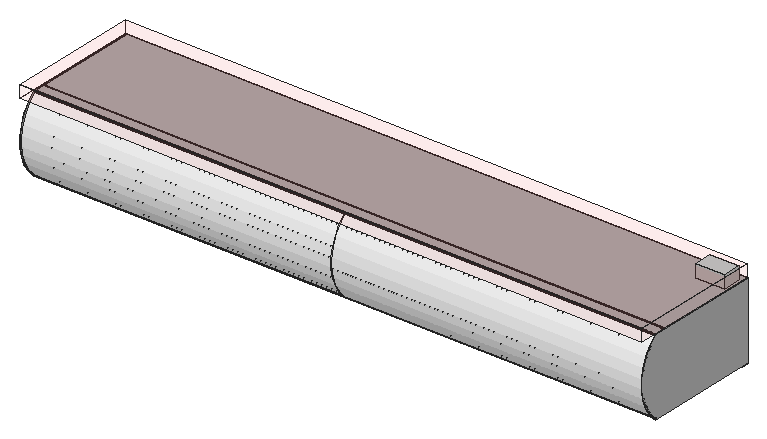
Revit family "Air_Curtain-Ambient-Berner_International-AHC10", category Mechanical Equipment, Revit 2015
Parameters (values of type "AHC10-1036A")
  Unit Width = 8' - 3 1/2"
  Unit Height = 1' - 0 1/4"  # constant formula
  Unit Color = Anodized Aluminum - Berner International - Clear Satin
  URL = "http://www.berner.com/product/architectural-high-performance-10/"
  Type Catalog Loaded = "Not loaded by Type Catalog - Parameters Invalid"
  TRP = Unit Width > 8' 3 131/256"  # no
  Show Service Clearance = yes
  SGL = and(Unit Width < 7' 3 125/256")  # no
  Product data url = "https://bimobject.com/berner/product/berner-ahc10"
  Power Rating = 0 W
  Phase = 1
  Outlet Velocity Uniform (%) = 0.00%
  Nozzle Width = Unit Width - 0' 0" - 0' 1"  # 8' - 2 1/2"
  Net Weight = 0.00 kip
  NVW2 = Unit Width / 3  # 2' - 9.16667"
  Mounting Width C = 2' - 3"
  Motors per Unit = 0
  Motor Volts = 0 V
  Model = "No Model Specified - See Use Instructions"
  Maximum Velocity at Nozzle = 0 FPM
  Manufacturer Phone = "(800) 245-4455"  # constant formula
  Manufacturer Address = "Shenango Commerce Park | 111 Progress Avenue | New Castle, PA 16101"  # constant formula
  Manufacturer = "Berner International Corp."  # constant formula
  Insect Control = not(Environmental Separation)  # no
  Inlet Screen = Aluminum Perforated Metal  - Berner International -  Satin -  Inlet Screen
  Hertz = 60 Hz  # constant formula
  Filter = no
  Environmental Separation = yes
  Description = "Ambient Heated Air Door Unit"  # constant formula
  DBL = and(Unit Width > 6' 3 131/256", and(Unit Width < 9' 5 61/256"))  # yes
  Breaker Rating per Circuit = 0 A
  Berner AHC10 Conduit Radius = 0' - 0 1/4"  # constant formula
  Average Outlet Velocity = 0 FPM
  Assembly Code = "D3090400"
  Amps per Circuit = 0 A
  Air Volume = 0 CFM
Reference planes (in)
  plane 1 "Center (Front/Back)": y = 0
  plane 2 "Bottom of Unit": z = 0
  plane 3 "Center (Left/Right)": x = 0
  plane 4 "Left End of Unit": x = -49.75
  plane 5 "Right End of Unit": x = 49.75
  plane 6 "Left End of Perforated Intake Screen": x = -49.6875
  plane 7 "Right End of Perforated Intake Screen": x = 49.6875
  plane 8 "Top of Unit": z = 12.25
  plane 9 "Top of Screen Service Clearance": z = 14.25
  plane 10 "Front of Unit": y = -21.19
  plane 11 "Front of Intake Screen": y = -21.06
  plane 12 "Top of Opening Max Offset": z = -1
  plane 13 "Top of Housing": z = 12.1875
  plane 14 "Bottom of Housing": z = 0.0625
  plane 15 "Radius Of Intake Face": y = -18.41
  plane 16 "Vertical Center": z = 6.125
  plane 17 "Nozzle Width Left": x = -49.25
  plane 18 "Nozzle Width Right": x = 49.25
  plane 19 "Blade Retainer Front": y = -1
  plane 20 "Blade Retainer Rear": y = -3.5
  plane 21 "Blade Retainer LCL": x = -0.0625
  plane 22 "Blade Retainer RCL": x = 0.0625
  plane 23 "Bottom of Screen Service Clearance": z = 2.12
  plane 24 "Rear Screen Service Clearance": y = -16.56
  plane 25 "CL Screen Removal": z = 8.185
  plane 26 "Back of Inlet Screen": y = -20.935
  plane 27 "Housing Transition Rear": y = -16.52875
  plane 28 "Housing Transition Front": y = -16.59125
  plane 29 "Top Bottom Housing Transition": z = 0.1525
  plane 30 "Bottom Top Housing Transition": z = 12.0975
  plane 31 "Bottom Front Housing Transition": y = -18.31
  plane 32 "Bottom Front Rear Housing Transition": y = -18.24
  plane 33 "Bottom Front Housing Transition Rear": y = -16.65
  plane 34 "Bottom Rear Front Housing Transition": y = -16.47
  plane 35 "Switch Outer Left": x = -0.9
  plane 36 "Switch Outer Right": x = 0.9
  plane 37 "Switch Plate Outer Rear": y = -6.96
  plane 38 "Switch Plate Outer Front": y = -3.96
  plane 39 "Switch Plate Outer Left": x = -2.5
  plane 40 "Switch Plate Outer Right": x = 2.5
  plane 41 "Switch Outer Front": y = -4.24125
  plane 42 "Switch Outer Rear": y = -6.17125
  plane 43 "Switch L": x = -0.8
  plane 44 "Switch R": x = 0.8
  plane 45 "Switch T": y = -4.34125
  plane 46 "Switch B": y = -6.07125
  plane 47 "Switch MB": y = -5.27125
  plane 48 "Switch MT": y = -5.14125
  plane 49 "Cover Plane": y = -0.75
  plane 50 "Rear of JBox 1": y = -1.44
  plane 51 "Front of JBox 1": y = -4.32
  plane 52 "LSide of JBox": x = 44.87
  plane 53 "RSide of JBox": x = 49.5
  plane 54 "Rear of JBox 2": y = -6.445
  plane 55 "Front of JBox 2": y = -10.445
  plane 56 "Top of JBox": z = 14.5
  plane 57 "Bottom of JBox": z = 12.5
  plane 58 "Jbox 1 CL": y = -3.44
  plane 59 "Jbox VCL": z = 13.5
  plane 60 "Mounting Location L": x = -22.75
  plane 61 "Mounting Location R": x = 22.75
  plane 62 "Mounting Location F": y = -2
  plane 63 "ML1": x = -22.90625
  plane 64 "ML2": x = -22.59375
  plane 65 "MR3": y = -1.84375
  plane 66 "MR4": y = -2.15625
  plane 67 "MR2": x = 22.59375
  plane 68 "MR1": x = 22.90625
  plane 69 "MR7": y = -10.28875
  plane 70 "MR8": y = -10.60125
  plane 71 "Top of Nozzle Vanes": z = 0.8125
  plane 72 "NV1": y = -1.59
  plane 73 "NV2": y = -1.9
  plane 74 "NV3": y = -2.59
  plane 75 "NV4": y = -2.9
  plane 76 "NVRL1": x = -49.19
  plane 77 "NVRR": x = 49.19
  plane 78 "NVRR2": x = 48.69
  plane 79 "NVRL2": x = -58.875
  plane 80 "NV1-1": y = -1.72
  plane 81 "NV2-1": y = -1.77
  plane 82 "NV4-1": y = -2.77
  plane 83 "NV3-1": y = -2.72
  plane 84 "Wall Mounting L1": z = 1
  plane 85 "Wall Mouting L2": z = 10.5
  plane 86 "MD": y = 2.32676
  plane 87 "TRPLCL": x = -16.58333
  plane 88 "TRPRCL": x = 16.58333
  plane 89 "TRPLCL1": x = -16.64833
  plane 90 "TRPLCL2": x = -16.51833
  plane 91 "TRPRCL1": x = 16.64833
  plane 92 "TRPRCL2": x = 16.51833
  plane 93 "TRPLCL5": x = -17.20833
  plane 94 "TRPLCL3": x = -16.70833
  plane 95 "TRPLCL4": x = -16.45833
  plane 96 "TRPLCL6": x = -15.95833
  plane 97 "TRPRCL3": x = 16.70833
  plane 98 "TRPRCL4": x = 16.45833
  plane 99 "TRPRCL6": x = 15.95833
  plane 100 "TRPRCL5": x = 17.20833
  plane 101 "LCL2": x = -0.5025
  plane 102 "RCL2": x = 0.5025
  plane 103 "RCL1": x = 0.1225
  plane 104 "LCL1": x = -0.1225
  plane 105 "UnitCondCL": x = 46.87
  plane 106 "UnitCondL": x = 46.62
  plane 107 "UnitCondR": x = 47.12
  plane 108 "Wall Mounting Plate": y = -0.75
Forms (in)
  Extrusion 1, solid, material "Anodized Aluminum - Berner International - Clear Satin" <- "Unit Color"
    sketch origin (0, 0, 0) x (0, 1, 0) y (0, 0, 1)
      loop
        line (0, 12.1875) -> (-16.52875, 12.1875) -> (-16.52875, 12.0975) -> (-16.59125, 12.0975) -> (-16.59125, 12.1875) -> (-18.41, 12.1875)
        arc (-18.41, 12.1875) -> (-21.19, 6.125) -> (-18.41, 0.0625) r 8.00041
        line (-18.41, 0.0625) -> (-16.59125, 0.0625) -> (-16.59125, 0.1525) -> (-16.52875, 0.1525) -> (-16.52875, 0.0625) -> (-3.5, 0.0625) -> (-3.5, 0.8125) -> (0, 0.8125) -> (0, 12.1875)
    from -49.6875 to 49.6875
  Extrusion 2, void
    sketch origin (0, 0, 0) x (0, 1, 0) y (0, 0, 1)
      loop
        arc (-18.41, 12.1875) -> (-21.19, 6.125) -> (-18.41, 0.0625) r 8.00041
        line (-18.41, 0.0625) -> (-18.41, 0.22844)
        arc (-18.41, 0.22844) -> (-21.065, 6.125) -> (-18.41, 12.02156) r 7.87541
        line (-18.41, 12.02156) -> (-18.41, 12.1875)
    from -49.6875 to 49.6875
  Extrusion 3, solid, material "Service Clearance - Berner International - Air Curtain"
    sketch origin (0, 0, 0) x (0, 1, 0) y (0, 0, 1)
      loop
        line (0, 14.25) -> (-21.19, 14.25) -> (-21.19, 12.25) -> (0, 12.25) -> (0, 14.25)
    from -49.75 to 49.75
  Extrusion 4, solid, material "Aluminum Perforated Metal  - Berner International -  Satin -  Inlet Screen" <- "Inlet Screen", visible <- "SGL"
    sketch origin (0, 0, 0) x (0, 1, 0) y (0, 0, 1)
      loop
        line (-18.41, 11.85354) -> (-18.41, 12.02156)
        arc (-18.41, 12.02156) -> (-21.065, 6.125) -> (-18.41, 0.22844) r 7.87541
        line (-18.41, 0.22844) -> (-18.41, 0.39646)
        arc (-18.41, 0.39646) -> (-20.94, 6.125) -> (-18.41, 11.85354) r 7.75041
    from -49.6875 to 49.6875
  Extrusion 5, solid, material "Anodized Aluminum - Berner International - Clear Satin" <- "Unit Color"
    sketch origin (0, 0, 0) x (0, 1, 0) y (0, 0, 1)
      loop
        line (-3.5, 0) -> (-3.5, 0.0625) -> (-16.56, 0.0625)
        arc (-16.56, 0.0625) -> (-16.52248, 0.02048) -> (-16.47, 0) r 0.121
        line (-16.47, 0) -> (-3.5, 0)
    from -49.6875 to 49.6875
  Extrusion 6, solid, material "Anodized Aluminum - Berner International - Clear Satin" <- "Unit Color"
    sketch origin (0, 0, 0) x (0, 1, 0) y (0, 0, 1)
      loop
        line (-16.56, 0.0625) -> (-18.31, 0.0625)
        arc (-18.31, 0.0625) -> (-18.27766, 0.02828) -> (-18.24, 0) r 0.27802
        line (-18.24, 0) -> (-16.65, 0)
        arc (-16.65, 0) -> (-16.59752, 0.02048) -> (-16.56, 0.0625) r 0.121
    from -49.6875 to 49.6875
  Extrusion 7, solid, material "Anodized Aluminum - Berner International - Clear Satin" <- "Unit Color"
    sketch origin (0, 0, 0) x (0, 1, 0) y (0, 0, 1)
      loop
        arc (-16.56, 12.1875) -> (-16.59752, 12.22952) -> (-16.65, 12.25) r 0.121
        line (-16.65, 12.25) -> (-18.24, 12.25)
        arc (-18.24, 12.25) -> (-18.27766, 12.22172) -> (-18.31, 12.1875) r 0.27802
        line (-18.31, 12.1875) -> (-16.56, 12.1875)
    from -49.6875 to 49.6875
  Extrusion 8, solid, material "Anodized Aluminum - Berner International - Clear Satin" <- "Unit Color"
    sketch origin (0, 0, 0) x (0, 1, 0) y (0, 0, 1)
      loop
        line (-16.56, 12.1875) -> (0, 12.1875) -> (0, 12.25) -> (-16.47, 12.25)
        arc (-16.47, 12.25) -> (-16.52248, 12.22952) -> (-16.56, 12.1875) r 0.121
    from -49.6875 to 49.6875
  Extrusion 9, solid, material "Galvanized Steel - Berner International - Brushed"
    sketch origin (0, 0, 12.5) x (0, 1, 0) y (-1, 0, 0)
      loop
        line (-1.44, -44.87) -> (-4.32, -44.87) -> (-4.32, -49.5) -> (-1.44, -49.5) -> (-1.44, -44.87)
    from 0 to 2
  Extrusion 10, solid, material "Aluminum Perforated Metal  - Berner International -  Satin -  Inlet Screen" <- "Inlet Screen", visible <- "DBL"
    sketch origin (0, 0, 0) x (0, 1, 0) y (0, 0, 1)
      loop
        line (-18.41, 11.85354) -> (-18.41, 12.02156)
        arc (-18.41, 12.02156) -> (-21.065, 6.125) -> (-18.41, 0.22844) r 7.87541
        line (-18.41, 0.22844) -> (-18.41, 0.39646)
        arc (-18.41, 0.39646) -> (-20.94, 6.125) -> (-18.41, 11.85354) r 7.75041
    from 0.0625 to 49.6875
  Extrusion 11, solid, material "Aluminum Perforated Metal  - Berner International -  Satin -  Inlet Screen" <- "Inlet Screen", visible <- "DBL"
    sketch origin (0, 0, 0) x (0, 1, 0) y (0, 0, 1)
      loop
        line (-18.41, 11.85354) -> (-18.41, 12.02156)
        arc (-18.41, 12.02156) -> (-21.065, 6.125) -> (-18.41, 0.22844) r 7.87541
        line (-18.41, 0.22844) -> (-18.41, 0.39646)
        arc (-18.41, 0.39646) -> (-20.94, 6.125) -> (-18.41, 11.85354) r 7.75041
    from -49.6875 to -0.0625
  Extrusion 12, solid, material "Aluminum Perforated Metal  - Berner International -  Satin -  Inlet Screen" <- "Inlet Screen", visible <- "TRP"
    sketch origin (0, 0, 0) x (0, 1, 0) y (0, 0, 1)
      loop
        arc (-18.41, 0.39646) -> (-20.94, 6.125) -> (-18.41, 11.85354) r 7.75041
        line (-18.41, 11.85354) -> (-18.41, 12.02156)
        arc (-18.41, 12.02156) -> (-21.065, 6.125) -> (-18.41, 0.22844) r 7.87541
        line (-18.41, 0.22844) -> (-18.41, 0.39646)
    from 16.64833 to 49.6875
  Extrusion 13, solid, material "Aluminum Perforated Metal  - Berner International -  Satin -  Inlet Screen" <- "Inlet Screen", visible <- "TRP"
    sketch origin (0, 0, 0) x (0, 1, 0) y (0, 0, 1)
      loop
        arc (-18.41, 0.39646) -> (-20.94, 6.125) -> (-18.41, 11.85354) r 7.75041
        line (-18.41, 11.85354) -> (-18.41, 12.02156)
        arc (-18.41, 12.02156) -> (-21.065, 6.125) -> (-18.41, 0.22844) r 7.87541
        line (-18.41, 0.22844) -> (-18.41, 0.39646)
    from -16.51833 to 16.51833
  Extrusion 14, solid, material "Aluminum Perforated Metal  - Berner International -  Satin -  Inlet Screen" <- "Inlet Screen", visible <- "TRP"
    sketch origin (0, 0, 0) x (0, 1, 0) y (0, 0, 1)
      loop
        arc (-18.41, 0.39646) -> (-20.94, 6.125) -> (-18.41, 11.85354) r 7.75041
        line (-18.41, 11.85354) -> (-18.41, 12.02156)
        arc (-18.41, 12.02156) -> (-21.065, 6.125) -> (-18.41, 0.22844) r 7.87541
        line (-18.41, 0.22844) -> (-18.41, 0.39646)
    from -49.6875 to -16.64833
  Extrusion 15, solid, material "Anodized Aluminum - Berner International - Clear Satin" <- "Unit Color"
    sketch origin (-49.75, 0, 0) x (0, 1, 0) y (0, 0, 1)
      loop
        line (0, 0.0625) -> (0, 12.1875) -> (-18.41, 12.1875)
        arc (-18.41, 12.1875) -> (-21.19, 6.125) -> (-18.41, 0.0625) r 8.00041
        line (-18.41, 0.0625) -> (0, 0.0625)
    from 0 to 0.0625
  Extrusion 16, solid, material "Anodized Aluminum - Berner International - Clear Satin" <- "Unit Color"
    sketch origin (49.75, 0, 0) x (0, 1, 0) y (0, 0, -1)
      loop
        arc (-18.41, -0.0625) -> (-21.19, -6.125) -> (-18.41, -12.1875) r 8.00041
        line (-18.41, -12.1875) -> (0, -12.1875) -> (0, -0.0625) -> (-18.41, -0.0625)
    from 0 to 0.0625
  Extrusion 17, solid, material "Anodized Aluminum - Berner International - Clear Satin" <- "Unit Color"
    sketch origin (0, 0, 0) x (0, 1, 0) y (0, 0, 1)
      loop
        line (0, 0.8125) -> (-1, 0.8125) -> (-1, 0) -> (0, 0) -> (0, 0.8125)
    from -49.6875 to 49.6875
  Extrusion 18, solid, material "Anodized Aluminum - Berner International - Clear Satin" <- "Unit Color"
    sketch origin (-49.75, 0, 0) x (0, 1, 0) y (0, 0, 1)
      loop
        line (-1, 0.0625) -> (-1, 0.8125) -> (-3.5, 0.8125) -> (-3.5, 0.0625) -> (-1, 0.0625)
    from 0.0625 to 0.5
  Extrusion 19, solid, material "Anodized Aluminum - Berner International - Clear Satin" <- "Unit Color", visible <- "TRP"
    sketch origin (49.75, 0, 0) x (0, 1, 0) y (0, 0, -1)
      loop
        line (-3.5, -0.8125) -> (-1, -0.8125) -> (-1, -0.0625) -> (-3.5, -0.0625) -> (-3.5, -0.8125)
    from 0.0625 to 0.5
  Extrusion 20, solid, material "Anodized Aluminum - Berner International - Clear Satin" <- "Unit Color", visible <- "DBL"
    sketch origin (0, 0, 0) x (0, 1, 0) y (0, 0, 1)
      loop
        line (-1, 0.0625) -> (-1, 0.8125) -> (-3.5, 0.8125) -> (-3.5, 0.0625) -> (-1, 0.0625)
    from -0.0625 to 0.0625
  Extrusion 21, solid, material "Anodized Aluminum - Berner International - Clear Satin" <- "Unit Color", visible <- "TRP"
    sketch origin (-16.58333, 0, 0) x (0, 1, 0) y (0, 0, 1)
      loop
        line (-1, 0.0625) -> (-1, 0.8125) -> (-3.5, 0.8125) -> (-3.5, 0.0625) -> (-1, 0.0625)
    from -0.125 to 0.125
  Extrusion 22, solid, material "Anodized Aluminum - Berner International - Clear Satin" <- "Unit Color"
    sketch origin (16.58333, 0, 0) x (0, 1, 0) y (0, 0, 1)
      loop
        line (-3.5, 0.8125) -> (-3.5, 0.0625) -> (-1, 0.0625) -> (-1, 0.8125) -> (-3.5, 0.8125)
    from -0.125 to 0.125
Cuts and joins
  Extrusion 2 cuts Extrusion 1
Lines and regions (in)
  Masking region 1
    outline origin (0, 0, 0) x (1, 0, 0) y (0, 0, 1)
      loop
        line (-49.75, 12.25) -> (-49.75, 0) -> (49.75, 0) -> (49.75, 12.25) -> (-49.75, 12.25)
  Split face 1
    outline origin (0, 113.88777, 0) x (-1, 0, 0) y (0, -1, 0)
      loop
        line (2.5, 117.84777) -> (2.5, 120.84777) -> (-2.5, 120.84777) -> (-2.5, 117.84777) -> (2.5, 117.84777)
  Split face 2
    outline origin (0, 113.88777, 0) x (-1, 0, 0) y (0, -1, 0)
      loop
        line (-0.9, 118.12902) -> (0.9, 118.12902) -> (0.9, 120.05902) -> (-0.9, 120.05902) -> (-0.9, 118.12902)
  Masking region 2
    outline origin (0, 0, 12.1875) x (0, 1, 0) y (-1, 0, 0)
      loop
        line (0, 49.75) -> (-21.19, 49.75) -> (-21.19, -49.75) -> (0, -49.75) -> (0, 49.75)
  Masking region 3, detail levels medium+fine
    outline origin (46.87, 0, 0) x (0, 0, 1) y (0, -1, 0)
      loop
        line (14.5, 1.44) -> (14.5, 4.32) -> (12.5, 4.32) -> (12.5, 1.44) -> (14.5, 1.44)
  Masking region 4
    outline origin (0, 0, 0) x (0, 1, 0) y (0, 0, 1)
      loop
        line (0, 0.0625) -> (0, 12.1875) -> (-18.41, 12.1875)
        arc (-18.41, 12.1875) -> (-21.19, 6.125) -> (-18.41, 0.0625) r 8.00041
        line (-18.41, 0.0625) -> (0, 0.0625)
  reference lines
    curve 1: arc (0, -18.41, 12.1875) -> (0, -21.19, 6.125) -> (0, -18.41, 0.0625) r 8.00041
    curve 6: arc (0, -18.40257, 14.25) -> (0, -21.1857, 8.185) -> (0, -18.40257, 2.12) r 8
    curve 8: arc (0, -18.41, 11.85354) -> (0, -20.9398, 6.06931) -> (0, -18.32714, 0.32203) r 7.75041
    curve 59: circle (-22.75, -2, 12.5) r 0.15625 normal (0, 0, 1)
    curve 60: circle (-22.75, -10.445, 12.5) r 0.15625 normal (0, 0, 1)
    curve 61: circle (22.75, -2, 12.5) r 0.15625 normal (0, 0, 1)
    curve 62: circle (22.75, -10.445, 12.5) r 0.15625 normal (0, 0, 1)
  reference lines, not visible
    curve 2: arc (0, -18.41, 12.02156) -> (0, -21.065, 6.125) -> (0, -18.41, 0.22844) r 7.87541
    curve 15: arc (0, -18.31, 0.0625) -> (0, -18.27766, 0.02828) -> (0, -18.24, 0) r 0.27802
    curve 16: arc (0, -16.56, 0.0625) -> (0, -16.59752, 0.02048) -> (0, -16.65, 0) r 0.121
    curve 17: arc (0, -16.56, 0.0625) -> (0, -16.52248, 0.02048) -> (0, -16.47, 0) r 0.121
    curve 18: arc (0, -16.56, 12.1875) -> (0, -16.59752, 12.22952) -> (0, -16.65, 12.25) r 0.121
    curve 19: arc (0, -16.56, 12.1875) -> (0, -16.52248, 12.22952) -> (0, -16.47, 12.25) r 0.121
    curve 20: arc (0, -18.31, 12.1875) -> (0, -18.27766, 12.22172) -> (0, -18.24, 12.25) r 0.27802
  symbolic lines, style "MechanicalEquipmentHiddenLines", detail levels coarse
    curve 3: line (0, -16.56, 2.12) -> (0, -16.56, 14.25)
    curve 4: line (0, -16.56, 14.25) -> (0, -18.40257, 14.25)
    curve 5: line (0, -16.56, 2.12) -> (0, -18.40257, 2.12)
    curve 7: arc (0, -18.40257, 14.25) -> (0, -21.1857, 8.185) -> (0, -18.40257, 2.12) r 8
  symbolic lines
    curve 9: line (-49.6875, 0, 12.1875) -> (49.6875, 0, 12.1875)
    curve 10: line (-49.6875, 0, 0.0625) -> (-49.6875, 0, 12.1875)
    curve 11: line (49.6875, 0, 0.0625) -> (-49.6875, 0, 0.0625)
    curve 12: line (49.6875, 0, 12.1875) -> (49.6875, 0, 0.0625)
    curve 46: line (-49.25, -3.5, 0.0625) -> (49.25, -3.5, 0.0625)
    curve 49: line (-49.6875, -18.41, 12.1875) -> (49.6875, -18.41, 12.1875)
    curve 50: line (-49.6875, -18.41, 12.1875) -> (-49.6875, -21.19, 12.1875)
    curve 51: line (49.6875, -18.41, 12.1875) -> (49.6875, -21.19, 12.1875)
    curve 85: line (0, -2.49501, -1.44285) -> (0, -2.49501, -6.2518)
    curve 86: line (0, -3.45801, -1.44285) -> (0, -3.45801, -4.44285)
    curve 87: line (0, -2.25401, -6.16234) -> (0, -0.54249, -5.52699)
    curve 88: line (0, -2.25401, -6.16234) -> (0, -3.96553, -3.71804)
  symbolic lines, detail levels fine
    curve 13: line (49.6875, 0, 12.02156) -> (-49.6875, 0, 12.02156)
    curve 14: line (-49.6875, 0, 0.22844) -> (49.6875, 0, 0.22844)
    curve 21: line (-0.9, -4.24125, 0.0625) -> (-0.9, -6.17125, 0.0625)
    curve 22: line (0.9, -4.24125, 0.0625) -> (-0.9, -4.24125, 0.0625)
    curve 23: line (0.9, -4.24125, 0.0625) -> (0.9, -6.17125, 0.0625)
    curve 24: line (0.9, -6.17125, 0.0625) -> (-0.9, -6.17125, 0.0625)
    curve 29: line (-0.8, -4.34125, 0.0625) -> (-0.8, -5.14125, 0.0625)
    curve 30: line (-0.0625, -4.34125, 0.0625) -> (-0.8, -4.34125, 0.0625)
    curve 31: line (-0.0625, -4.34125, 0.0625) -> (-0.0625, -5.14125, 0.0625)
    curve 32: line (-0.0625, -5.14125, 0.0625) -> (-0.8, -5.14125, 0.0625)
    curve 33: line (0.0625, -4.34125, 0.0625) -> (0.8, -4.34125, 0.0625)
    curve 34: line (0.0625, -5.14125, 0.0625) -> (0.0625, -4.34125, 0.0625)
    curve 35: line (0.8, -5.14125, 0.0625) -> (0.0625, -5.14125, 0.0625)
    curve 36: line (0.8, -4.34125, 0.0625) -> (0.8, -5.14125, 0.0625)
    curve 37: line (0.0625, -5.27125, 0.0625) -> (0.8, -5.27125, 0.0625)
    curve 38: line (0.0625, -6.07125, 0.0625) -> (0.0625, -5.27125, 0.0625)
    curve 39: line (0.8, -6.07125, 0.0625) -> (0.0625, -6.07125, 0.0625)
    curve 40: line (0.8, -5.27125, 0.0625) -> (0.8, -6.07125, 0.0625)
    curve 41: line (-0.8, -5.27125, 0.0625) -> (-0.0625, -5.27125, 0.0625)
    curve 42: line (-0.8, -6.07125, 0.0625) -> (-0.8, -5.27125, 0.0625)
    curve 43: line (-0.0625, -6.07125, 0.0625) -> (-0.8, -6.07125, 0.0625)
    curve 44: line (-0.0625, -5.27125, 0.0625) -> (-0.0625, -6.07125, 0.0625)
    curve 52: line (-49.25, -1, 0.0625) -> (-49.25, 0, 0.0625)
    curve 53: line (49.25, 0, 0.0625) -> (49.25, -1, 0.0625)
    curve 120: line (0, -16.47, 12.25) -> (0, 0, 12.25)
    curve 121: line (0, 0, 12.1875) -> (0, 0, 12.25)
    curve 122: arc (0, -16.47, 12.25) -> (0, -16.52248, 12.22952) -> (0, -16.56, 12.1875) r 0.121
    curve 123: arc (0, -16.56, 12.1875) -> (0, -16.59752, 12.22952) -> (0, -16.65, 12.25) r 0.121
    curve 124: line (0, -16.65, 12.25) -> (0, -18.24, 12.25)
    curve 125: arc (0, -18.24, 12.25) -> (0, -18.27766, 12.22172) -> (0, -18.31, 12.1875) r 0.27802
    curve 130: line (46.62, -4.32, 12.5) -> (46.62, -4.32, 12.25)
    curve 131: line (47.12, -4.32, 12.5) -> (47.12, -4.32, 12.25)
  symbolic lines, detail levels medium+fine
    curve 25: line (-2.5, -3.96, 0.0625) -> (2.5, -3.96, 0.0625)
    curve 26: line (-2.5, -6.96, 0.0625) -> (-2.5, -3.96, 0.0625)
    curve 27: line (2.5, -6.96, 0.0625) -> (-2.5, -6.96, 0.0625)
    curve 28: line (2.5, -3.96, 0.0625) -> (2.5, -6.96, 0.0625)
    curve 45: line (-49.25, -1, 0.0625) -> (49.25, -1, 0.0625)
    curve 47: line (-49.25, -1, 0.0625) -> (-49.25, -3.5, 0.0625)
    curve 48: line (49.25, -1, 0.0625) -> (49.25, -3.5, 0.0625)
    curve 54: line (-49.75, -16.56, 0.0625) -> (49.75, -16.56, 0.0625)
    curve 55: line (44.87, -1.44, 14.5) -> (49.5, -1.44, 14.5)
    curve 56: line (44.87, -4.32, 14.5) -> (44.87, -1.44, 14.5)
    curve 57: line (49.5, -4.32, 14.5) -> (44.87, -4.32, 14.5)
    curve 58: line (49.5, -1.44, 14.5) -> (49.5, -4.32, 14.5)
    curve 69: line (49.5, 0, 14.5) -> (44.87, 0, 14.5)
    curve 70: line (44.87, 0, 14.5) -> (44.87, 0, 12.5)
    curve 71: line (44.87, 0, 12.5) -> (49.5, 0, 12.5)
    curve 72: line (49.5, 0, 12.5) -> (49.5, 0, 14.5)
    curve 81: line (0, -28.14877, 7.625) -> (0, -25.14877, 7.625)
    curve 82: line (0, -28.14877, 4.625) -> (0, -25.14877, 4.625)
    curve 83: line (0, -23.00655, 6.125) -> (0, -25.87358, 8.13252)
    curve 84: line (0, -23.00655, 6.125) -> (0, -25.87358, 4.11748)
  symbolic lines, style "Mounting Location", detail levels fine
    curve 63: circle (-22.75, -2, 12.25) r 0.15625 normal (0, 0, 1)
    curve 64: circle (-22.75, -10.445, 12.25) r 0.15625 normal (0, 0, 1)
    curve 65: circle (22.75, -2, 12.25) r 0.15625 normal (0, 0, 1)
    curve 66: circle (22.75, -10.445, 12.25) r 0.15625 normal (0, 0, 1)
  symbolic lines, style "Mounting Location", detail levels medium
    curve 67: line (0, 2.32676, 10.5) -> (0, -2.15625, 10.5)
    curve 68: line (0, 2.32676, 1) -> (0, -2.15625, 1)
  symbolic lines, visible <- "TRP", detail levels fine
    curve 73: line (-16.64833, -21.19, 11.85354) -> (-16.64833, -21.19, 0.39646)
    curve 74: line (-16.58333, -21.19, 11.85354) -> (-16.58333, -21.19, 0.39646)
    curve 75: line (-16.51833, -21.19, 11.85354) -> (-16.51833, -21.19, 0.39646)
    curve 76: line (16.51833, -21.19, 11.85354) -> (16.51833, -21.19, 0.39646)
    curve 77: line (16.58333, -21.19, 11.85354) -> (16.58333, -21.19, 0.39646)
    curve 78: line (16.64833, -21.19, 11.85354) -> (16.64833, -21.19, 0.39646)
    curve 104: line (-16.70833, -1, 0.0625) -> (-16.70833, -3.5, 0.0625)
    curve 105: line (-16.45833, -3.5, 0.0625) -> (-16.45833, -1, 0.0625)
    curve 106: line (16.45833, -1, 0.0625) -> (16.45833, -3.5, 0.0625)
    curve 107: line (16.70833, -3.5, 0.0625) -> (16.70833, -1, 0.0625)
    curve 108: line (-49.25, -2.9, 0.0625) -> (-16.70833, -2.9, 0.0625)
    curve 109: line (-16.45833, -2.9, 0.0625) -> (16.45833, -2.9, 0.0625)
    curve 110: line (16.70833, -2.9, 0.0625) -> (49.25, -2.9, 0.0625)
    curve 111: line (-49.25, -2.59, 0.0625) -> (-16.70833, -2.59, 0.0625)
    curve 112: line (-16.45833, -2.59, 0.0625) -> (16.45833, -2.59, 0.0625)
    curve 113: line (16.70833, -2.59, 0.0625) -> (49.25, -2.59, 0.0625)
    curve 114: line (-49.25, -1.9, 0.0625) -> (-16.70833, -1.9, 0.0625)
    curve 115: line (-16.45833, -1.9, 0.0625) -> (16.45833, -1.9, 0.0625)
    curve 116: line (16.70833, -1.9, 0.0625) -> (49.25, -1.9, 0.0625)
    curve 117: line (-49.25, -1.59, 0.0625) -> (-16.70833, -1.59, 0.0625)
    curve 118: line (-16.45833, -1.59, 0.0625) -> (16.45833, -1.59, 0.0625)
    curve 119: line (16.70833, -1.59, 0.0625) -> (49.25, -1.59, 0.0625)
  symbolic lines, visible <- "DBL", detail levels fine
    curve 79: line (-0.0625, -21.19, 11.85354) -> (-0.0625, -21.19, 0.39646)
    curve 80: line (0.0625, -21.19, 11.85354) -> (0.0625, -21.19, 0.39646)
    curve 94: line (0.0625, -2.9, 0.0625) -> (49.25, -2.9, 0.0625)
    curve 95: line (0.0625, -1.59, 0.0625) -> (49.25, -1.59, 0.0625)
    curve 96: line (-0.0625, -1.59, 0.0625) -> (-49.25, -1.59, 0.0625)
    curve 97: line (-49.25, -2.9, 0.0625) -> (-0.0625, -2.9, 0.0625)
    curve 98: line (-49.25, -2.59, 0.0625) -> (-0.0625, -2.59, 0.0625)
    curve 99: line (-49.25, -1.9, 0.0625) -> (-0.0625, -1.9, 0.0625)
    curve 100: line (0.0625, -1.9, 0.0625) -> (49.25, -1.9, 0.0625)
    curve 101: line (0.0625, -2.59, 0.0625) -> (49.25, -2.59, 0.0625)
    curve 102: line (-0.0625, -1, 0.0625) -> (-0.0625, -3.5, 0.0625)
    curve 103: line (0.0625, -3.5, 0.0625) -> (0.0625, -1, 0.0625)
  symbolic lines, visible <- "SGL", detail levels fine
    curve 89: line (-49.25, -1.59, 0.0625) -> (49.25, -1.59, 0.0625)
    curve 90: line (-49.25, -2.9, 0.0625) -> (49.25, -2.9, 0.0625)
    curve 91: line (-49.25, -1.9, 0.0625) -> (49.25, -1.9, 0.0625)
    curve 92: line (-49.25, -2.59, 0.0625) -> (49.25, -2.59, 0.0625)
  symbolic lines, style "MechanicalEquipmentHiddenLines", detail levels fine
    curve 93: line (-49.75, -0.75, 12.1875) -> (49.75, -0.75, 12.1875)
  symbolic lines, style "Service Clearance", detail levels fine
    curve 126: line (0, 0, 12.25) -> (0, 0, 14.25)
    curve 127: line (0, 0, 14.25) -> (0, -21.19, 14.25)
    curve 128: line (0, -21.19, 14.25) -> (0, -21.19, 12.25)
    curve 129: line (0, -21.19, 12.25) -> (0, 0, 12.25)
Dimensions and locks (in)
  "Unit Width": plane 4 "Left End of Unit" to plane 5 "Right End of Unit"
  equal spacing: plane 4 "Left End of Unit", plane 3 "Center (Left/Right)", plane 5 "Right End of Unit"
  locked: plane 9 "Top of Screen Service Clearance" to plane 8 "Top of Unit" at 2
  "Unit Height": plane 8 "Top of Unit" to plane 2 "Bottom of Unit"
  locked: plane 6 "Left End of Perforated Intake Screen" to plane 4 "Left End of Unit" at 0.0625
  locked: plane 7 "Right End of Perforated Intake Screen" to plane 5 "Right End of Unit" at 0.0625
  plane 10 "Front of Unit" to plane 1 "Center (Front/Back)" = 1' - 9.19"
  locked: plane 11 "Front of Intake Screen" to plane 10 "Front of Unit" at 0.13
  locked: plane 2 "Bottom of Unit" to plane 12 "Top of Opening Max Offset" at 1
  locked: plane 8 "Top of Unit" to plane 13 "Top of Housing" at 0.0625
  locked: plane 14 "Bottom of Housing" to plane 2 "Bottom of Unit" at 0.0625
  equal spacing: plane 14 "Bottom of Housing", plane 16 "Vertical Center", plane 13 "Top of Housing"
  locked: plane 15 "Radius Of Intake Face" to plane 16 "Vertical Center" at 2.78
  locked: curve 1 to plane 10 "Front of Unit" at 2.78  (x2)
  locked: curve 1 to plane 2 "Bottom of Unit" at 0.0625
  locked: plane 8 "Top of Unit" to curve 1 at 0.0625
  locked: plane 16 "Vertical Center" to plane 16 "Vertical Center" at 0.13
  locked: plane 19 "Blade Retainer Front" to plane 1 "Center (Front/Back)" at 1
  locked: plane 19 "Blade Retainer Front" to plane 20 "Blade Retainer Rear" at 2.5
  locked: plane 4 "Left End of Unit" to plane 17 "Nozzle Width Left" at 0.5
  locked: plane 18 "Nozzle Width Right" to plane 5 "Right End of Unit" at 0.5
  locked: plane 21 "Blade Retainer LCL" to plane 3 "Center (Left/Right)" at 0.0625  (x2)
  locked: plane 3 "Center (Left/Right)" to plane 22 "Blade Retainer RCL" at 0.0625  (x2)
  locked: plane 26 "Back of Inlet Screen" to plane 11 "Front of Intake Screen" at 0.125
  locked: plane 29 "Top Bottom Housing Transition" to plane 14 "Bottom of Housing" at 0.09
  locked: plane 13 "Top of Housing" to plane 30 "Bottom Top Housing Transition" at 0.09
  locked: plane 27 "Housing Transition Rear" to plane 24 "Rear Screen Service Clearance" at 0.03125
  locked: plane 24 "Rear Screen Service Clearance" to plane 28 "Housing Transition Front" at 0.03125
  locked: plane 24 "Rear Screen Service Clearance" to plane 15 "Radius Of Intake Face" at 1.85
  locked: plane 24 "Rear Screen Service Clearance" to plane 10 "Front of Unit" at 4.63
  locked: plane 31 "Bottom Front Housing Transition" to plane 15 "Radius Of Intake Face" at 0.1
  locked: plane 32 "Bottom Front Rear Housing Transition" to plane 31 "Bottom Front Housing Transition" at 0.07
  locked: plane 39 "Switch Plate Outer Left" to plane 3 "Center (Left/Right)" at 2.5
  locked: plane 39 "Switch Plate Outer Left" to plane 40 "Switch Plate Outer Right" at 5
  locked: plane 35 "Switch Outer Left" to plane 3 "Center (Left/Right)" at 0.9
  locked: plane 35 "Switch Outer Left" to plane 36 "Switch Outer Right" at 1.8
  locked: plane 38 "Switch Plate Outer Front" to plane 1 "Center (Front/Back)" at 3.96
  locked: plane 37 "Switch Plate Outer Rear" to plane 38 "Switch Plate Outer Front" at 3
  locked: plane 42 "Switch Outer Rear" to plane 41 "Switch Outer Front" at 1.93
  locked: plane 35 "Switch Outer Left" to plane 43 "Switch L" at 0.1
  locked: plane 45 "Switch T" to plane 41 "Switch Outer Front" at 0.1
  locked: plane 42 "Switch Outer Rear" to plane 46 "Switch B" at 0.1
  locked: plane 44 "Switch R" to plane 36 "Switch Outer Right" at 0.1
  locked: plane 48 "Switch MT" to plane 45 "Switch T" at 0.8
  locked: plane 46 "Switch B" to plane 47 "Switch MB" at 0.8
  plane 43 "Switch L" to plane 21 "Blade Retainer LCL" = 0' - 0.7375"
  locked: plane 41 "Switch Outer Front" to plane 38 "Switch Plate Outer Front" at 0.28125
  locked: plane 57 "Bottom of JBox" to plane 8 "Top of Unit" at 0.25
  locked: plane 56 "Top of JBox" to plane 57 "Bottom of JBox" at 2
  locked: plane 53 "RSide of JBox" to plane 5 "Right End of Unit" at 0.25
  locked: plane 52 "LSide of JBox" to plane 53 "RSide of JBox" at 4.63
  locked: plane 50 "Rear of JBox 1" to plane 1 "Center (Front/Back)" at 1.44
  locked: plane 51 "Front of JBox 1" to plane 50 "Rear of JBox 1" at 2.88
  locked: plane 54 "Rear of JBox 2" to plane 51 "Front of JBox 1" at 2.125
  locked: plane 55 "Front of JBox 2" to plane 54 "Rear of JBox 2" at 4
  locked: plane 58 "Jbox 1 CL" to plane 50 "Rear of JBox 1" at 2
  locked: plane 59 "Jbox VCL" to plane 57 "Bottom of JBox" at 1
  locked: plane 62 "Mounting Location F" to plane 1 "Center (Front/Back)" at 2
  locked: plane 62 "Mounting Location F" to plane 65 "MR3" at 0.15625
  locked: plane 66 "MR4" to plane 62 "Mounting Location F" at 0.15625
  "Mounting Width C": plane 4 "Left End of Unit" to plane 60 "Mounting Location L"
  locked: plane 63 "ML1" to plane 60 "Mounting Location L" at 0.15625  (x3)
  locked: plane 60 "Mounting Location L" to plane 64 "ML2" at 0.15625
  locked: plane 67 "MR2" to plane 61 "Mounting Location R" at 0.15625
  locked: plane 61 "Mounting Location R" to plane 68 "MR1" at 0.15625  (x2)
  "Mounting Width C": plane 61 "Mounting Location R" to plane 5 "Right End of Unit"
  locked: plane 55 "Front of JBox 2" to plane 69 "MR7" at 0.15625  (x2)
  locked: plane 70 "MR8" to plane 55 "Front of JBox 2" at 0.15625
  locked: plane 62 "Mounting Location F" to curve 59 at 0.15625
  locked: plane 55 "Front of JBox 2" to curve 60 at 0.15625
  locked: plane 61 "Mounting Location R" to curve 61 at 0.15625
  locked: plane 62 "Mounting Location F" to curve 61 at 0.15625
  locked: plane 19 "Blade Retainer Front" to plane 72 "NV1" at 0.59
  locked: plane 72 "NV1" to plane 73 "NV2" at 0.31
  locked: plane 73 "NV2" to plane 74 "NV3" at 0.69
  locked: plane 74 "NV3" to plane 75 "NV4" at 0.31
  locked: plane 17 "Nozzle Width Left" to plane 76 "NVRL1" at 0.06
  locked: plane 77 "NVRR" to plane 18 "Nozzle Width Right" at 0.06
  locked: plane 78 "NVRR2" to plane 77 "NVRR" at 0.5
  locked: plane 84 "Wall Mounting L1" to plane 2 "Bottom of Unit" at 1
  locked: plane 85 "Wall Mouting L2" to plane 84 "Wall Mounting L1" at 9.5
  locked: plane 86 "MD" to plane 1 "Center (Front/Back)" at 2.32676
  locked: plane 87 "TRPLCL" to plane 90 "TRPLCL2" at 0.065
  locked: plane 89 "TRPLCL1" to plane 87 "TRPLCL" at 0.065
  locked: plane 88 "TRPRCL" to plane 91 "TRPRCL1" at 0.065
  locked: plane 92 "TRPRCL2" to plane 88 "TRPRCL" at 0.065
  locked: plane 91 "TRPRCL1" to plane 97 "TRPRCL3" at 0.06
  locked: plane 94 "TRPLCL3" to plane 89 "TRPLCL1" at 0.06
  locked: plane 90 "TRPLCL2" to plane 95 "TRPLCL4" at 0.06
  locked: plane 93 "TRPLCL5" to plane 94 "TRPLCL3" at 0.5
  locked: plane 95 "TRPLCL4" to plane 96 "TRPLCL6" at 0.5
  locked: plane 98 "TRPRCL4" to plane 92 "TRPRCL2" at 0.06
  locked: plane 99 "TRPRCL6" to plane 98 "TRPRCL4" at 0.5
  locked: plane 97 "TRPRCL3" to plane 100 "TRPRCL5" at 0.5
  locked: plane 101 "LCL2" to plane 21 "Blade Retainer LCL" at 0.44
  locked: plane 22 "Blade Retainer RCL" to plane 102 "RCL2" at 0.44
  "NVW2": plane 87 "TRPLCL" to plane 88 "TRPRCL"
  equal spacing: plane 87 "TRPLCL", plane 3 "Center (Left/Right)", plane 88 "TRPRCL"
  locked: plane 52 "LSide of JBox" to plane 105 "UnitCondCL" at 2
  locked: plane 105 "UnitCondCL" to plane 106 "UnitCondL" at 0.25
  locked: plane 107 "UnitCondR" to plane 105 "UnitCondCL" at 0.25
  locked: plane 108 "Wall Mounting Plate" to plane 1 "Center (Front/Back)" at 0.75
  aligned and locked: level to plane 2 "Bottom of Unit"
  aligned and locked: plane 15 "Radius Of Intake Face" to curve 2  (x2)
  aligned and locked: Extrusion 1 sketch curve to curve 1
  aligned and locked: Extrusion 1 sketch curve to plane 1 "Center (Front/Back)"
  aligned and locked: Extrusion 1 sketch curve to plane 13 "Top of Housing"
  aligned and locked: Extrusion 2 sketch curve to Extrusion 1
  aligned and locked: Extrusion 2 sketch curve to curve 2
  aligned and locked: plane 15 "Radius Of Intake Face" to Extrusion 2 sketch curve  (x2)
  aligned and locked: cut or joined group of Extrusion 1, Extrusion 2 to plane 6 "Left End of Perforated Intake Screen"  (x2)
  aligned and locked: cut or joined group of Extrusion 1, Extrusion 2 to plane 7 "Right End of Perforated Intake Screen"  (x2)
  aligned and locked: plane 24 "Rear Screen Service Clearance" to curve 3
  aligned and locked: plane 9 "Top of Screen Service Clearance" to curve 4
  aligned and locked: plane 23 "Bottom of Screen Service Clearance" to curve 5
  aligned and locked: plane 23 "Bottom of Screen Service Clearance" to curve 6
  aligned and locked: plane 9 "Top of Screen Service Clearance" to curve 6
  aligned and locked: curve 7 to curve 6
  aligned and locked: plane 1 "Center (Front/Back)" to Extrusion 3 sketch curve
  aligned and locked: plane 10 "Front of Unit" to Extrusion 3 sketch curve
  aligned and locked: plane 8 "Top of Unit" to Extrusion 3 sketch curve
  aligned and locked: plane 9 "Top of Screen Service Clearance" to Extrusion 3 sketch curve
  aligned and locked: Extrusion 3 to plane 4 "Left End of Unit"
  aligned and locked: Extrusion 3 to plane 5 "Right End of Unit"
  aligned and locked: curve 2 to curve 8
  aligned and locked: plane 15 "Radius Of Intake Face" to curve 8
  aligned and locked: Extrusion 4 sketch curve to curve 8
  aligned and locked: Extrusion 4 sketch curve to curve 2
  aligned and locked: plane 15 "Radius Of Intake Face" to Extrusion 4 sketch curve  (x2)
  aligned and locked: Extrusion 4 to plane 6 "Left End of Perforated Intake Screen"
  aligned and locked: Extrusion 4 to plane 7 "Right End of Perforated Intake Screen"
  aligned and locked: plane 4 "Left End of Unit" to Masking region 1 sketch curve
  aligned and locked: Masking region 1 sketch curve to plane 8 "Top of Unit"
  aligned and locked: plane 2 "Bottom of Unit" to Masking region 1 sketch curve
  aligned and locked: plane 5 "Right End of Unit" to Masking region 1 sketch curve
  aligned and locked: curve 9 to cut or joined group of Extrusion 1, Extrusion 2
  aligned and locked: curve 12 to cut or joined group of Extrusion 1, Extrusion 2
  aligned and locked: curve 13 to cut or joined group of Extrusion 1, Extrusion 2
  aligned and locked: curve 14 to Extrusion 4
  aligned and locked: plane 27 "Housing Transition Rear" to Extrusion 1 sketch curve  (x2)
  aligned and locked: Extrusion 1 sketch curve to plane 29 "Top Bottom Housing Transition"
  aligned and locked: Extrusion 1 sketch curve to plane 28 "Housing Transition Front"  (x2)
  aligned and locked: plane 30 "Bottom Top Housing Transition" to Extrusion 1 sketch curve
  aligned and locked: plane 31 "Bottom Front Housing Transition" to curve 15
  aligned and locked: level to curve 15
  aligned and locked: level to curve 16
  aligned and locked: level to curve 17
  aligned and locked: plane 24 "Rear Screen Service Clearance" to curve 17
  aligned and locked: plane 20 "Blade Retainer Rear" to Extrusion 5 sketch curve
  aligned and locked: plane 2 "Bottom of Unit" to Extrusion 5 sketch curve
  aligned and locked: plane 14 "Bottom of Housing" to Extrusion 5 sketch curve
  aligned and locked: Extrusion 5 sketch curve to curve 17
  aligned and locked: Extrusion 5 to plane 6 "Left End of Perforated Intake Screen"
  aligned and locked: Extrusion 5 to plane 7 "Right End of Perforated Intake Screen"
  aligned and locked: Extrusion 6 sketch curve to curve 16
  aligned and locked: Extrusion 6 sketch curve to curve 15
  aligned and locked: plane 14 "Bottom of Housing" to Extrusion 6 sketch curve
  aligned and locked: plane 2 "Bottom of Unit" to Extrusion 6 sketch curve
  aligned and locked: Extrusion 6 to plane 6 "Left End of Perforated Intake Screen"
  aligned and locked: Extrusion 6 to plane 7 "Right End of Perforated Intake Screen"
  aligned and locked: plane 8 "Top of Unit" to curve 19
  aligned and locked: plane 8 "Top of Unit" to curve 18
  aligned and locked: plane 24 "Rear Screen Service Clearance" to curve 18
  aligned and locked: plane 8 "Top of Unit" to curve 20
  aligned and locked: plane 31 "Bottom Front Housing Transition" to curve 20
  aligned and locked: plane 8 "Top of Unit" to Extrusion 7 sketch curve
  aligned and locked: Extrusion 7 sketch curve to curve 20
  aligned and locked: plane 13 "Top of Housing" to Extrusion 7 sketch curve
  aligned and locked: Extrusion 7 to plane 7 "Right End of Perforated Intake Screen"
  aligned and locked: Extrusion 7 to plane 6 "Left End of Perforated Intake Screen"
  aligned and locked: Extrusion 8 sketch curve to curve 19
  aligned and locked: plane 8 "Top of Unit" to Extrusion 8 sketch curve
  aligned and locked: plane 13 "Top of Housing" to Extrusion 8 sketch curve
  aligned and locked: plane 1 "Center (Front/Back)" to Extrusion 8 sketch curve
  aligned and locked: Extrusion 8 to plane 6 "Left End of Perforated Intake Screen"
  aligned and locked: Extrusion 8 to plane 7 "Right End of Perforated Intake Screen"
  aligned and locked: curve 21 to plane 35 "Switch Outer Left"
  aligned and locked: curve 22 to plane 41 "Switch Outer Front"
  aligned and locked: plane 36 "Switch Outer Right" to curve 23
  aligned and locked: curve 24 to plane 42 "Switch Outer Rear"
  aligned and locked: plane 38 "Switch Plate Outer Front" to curve 25
  aligned and locked: plane 40 "Switch Plate Outer Right" to curve 28
  aligned and locked: plane 39 "Switch Plate Outer Left" to curve 26
  aligned and locked: curve 27 to plane 37 "Switch Plate Outer Rear"
  aligned and locked: curve 29 to plane 43 "Switch L"
  aligned and locked: curve 30 to plane 45 "Switch T"
  aligned and locked: curve 31 to plane 21 "Blade Retainer LCL"
  aligned and locked: curve 32 to plane 48 "Switch MT"
  aligned and locked: plane 43 "Switch L" to curve 42
  aligned and locked: plane 47 "Switch MB" to curve 41
  aligned and locked: curve 44 to plane 21 "Blade Retainer LCL"
  aligned and locked: curve 43 to plane 46 "Switch B"
  aligned and locked: curve 39 to plane 46 "Switch B"
  aligned and locked: plane 44 "Switch R" to curve 40
  aligned and locked: plane 47 "Switch MB" to curve 37
  aligned and locked: curve 38 to plane 22 "Blade Retainer RCL"
  aligned and locked: plane 44 "Switch R" to curve 36
  aligned and locked: plane 45 "Switch T" to curve 33
  aligned and locked: curve 34 to plane 22 "Blade Retainer RCL"
  aligned and locked: curve 35 to plane 48 "Switch MT"
  aligned and locked: Split face 1 sketch curve to curve 25
  aligned and locked: Split face 1 sketch curve to curve 26
  aligned and locked: Split face 1 sketch curve to curve 27
  aligned and locked: Split face 1 sketch curve to curve 28
  aligned and locked: Split face 2 sketch curve to curve 22
  aligned and locked: Split face 2 sketch curve to curve 21
  aligned and locked: Split face 2 sketch curve to curve 24
  aligned and locked: Split face 2 sketch curve to curve 23
  aligned and locked: Masking region 2 sketch curve to Extrusion 3  (x4)
  aligned and locked: curve 45 to plane 19 "Blade Retainer Front"
  aligned and locked: curve 46 to plane 20 "Blade Retainer Rear"
  aligned and locked: curve 47 to plane 17 "Nozzle Width Left"
  aligned and locked: plane 18 "Nozzle Width Right" to curve 48
  aligned and locked: curve 49 to plane 15 "Radius Of Intake Face"
  aligned and locked: curve 50 to plane 6 "Left End of Perforated Intake Screen"
  aligned and locked: plane 10 "Front of Unit" to curve 50
  aligned and locked: plane 7 "Right End of Perforated Intake Screen" to curve 51
  aligned and locked: plane 10 "Front of Unit" to curve 51
  aligned and locked: plane 1 "Center (Front/Back)" to curve 52
  aligned and locked: plane 1 "Center (Front/Back)" to curve 53
  aligned and locked: plane 18 "Nozzle Width Right" to curve 53
  aligned and locked: plane 4 "Left End of Unit" to curve 54
  aligned and locked: curve 54 to plane 24 "Rear Screen Service Clearance"
  aligned and locked: plane 5 "Right End of Unit" to curve 54
  aligned and locked: plane 50 "Rear of JBox 1" to Extrusion 9 sketch curve
  aligned and locked: Extrusion 9 sketch curve to plane 51 "Front of JBox 1"
  aligned and locked: Extrusion 9 sketch curve to plane 52 "LSide of JBox"
  aligned and locked: plane 53 "RSide of JBox" to Extrusion 9 sketch curve
  aligned and locked: Extrusion 9 to plane 57 "Bottom of JBox"
  aligned and locked: plane 56 "Top of JBox" to Extrusion 9
  aligned and locked: curve 55 to Extrusion 9
  aligned and locked: curve 56 to Extrusion 9
  aligned and locked: curve 57 to Extrusion 9
  aligned and locked: curve 58 to Extrusion 9
  aligned and locked: curve 63 to curve 59
  aligned and locked: curve 64 to curve 60
  aligned and locked: curve 65 to curve 61
  aligned and locked: curve 66 to curve 62
  aligned and locked: plane 85 "Wall Mouting L2" to curve 67
  aligned and locked: plane 66 "MR4" to curve 67
  aligned and locked: curve 67 to plane 86 "MD"
  aligned and locked: plane 84 "Wall Mounting L1" to curve 68
  aligned and locked: plane 66 "MR4" to curve 68
  aligned and locked: plane 86 "MD" to curve 68
  aligned and locked: curve 69 to Extrusion 9
  aligned and locked: curve 70 to Extrusion 9
  aligned and locked: curve 71 to Extrusion 9
  aligned and locked: curve 72 to Extrusion 9
  aligned and locked: Extrusion 4 to curve 75  (x2)
  aligned and locked: Extrusion 4 to curve 74  (x2)
  aligned and locked: Extrusion 4 to curve 73  (x2)
  aligned and locked: curve 74 to plane 87 "TRPLCL"
  aligned and locked: curve 73 to plane 89 "TRPLCL1"
  aligned and locked: plane 90 "TRPLCL2" to curve 75
  aligned and locked: Extrusion 4 to curve 78  (x2)
  aligned and locked: Extrusion 4 to curve 77  (x2)
  aligned and locked: Extrusion 4 to curve 76  (x2)
  aligned and locked: curve 77 to plane 88 "TRPRCL"
  aligned and locked: plane 92 "TRPRCL2" to curve 76
  aligned and locked: curve 78 to plane 91 "TRPRCL1"
  aligned and locked: Extrusion 4 to curve 79  (x2)
  aligned and locked: Extrusion 4 to curve 80  (x2)
  aligned and locked: plane 22 "Blade Retainer RCL" to curve 80
  aligned and locked: curve 79 to plane 21 "Blade Retainer LCL"
  aligned and locked: Extrusion 10 sketch curve to Extrusion 4  (x4)
  aligned and locked: plane 22 "Blade Retainer RCL" to Extrusion 10
  aligned and locked: Extrusion 10 to plane 7 "Right End of Perforated Intake Screen"
  aligned and locked: Extrusion 11 sketch curve to Extrusion 4  (x4)
  aligned and locked: plane 21 "Blade Retainer LCL" to Extrusion 11
  aligned and locked: Extrusion 11 to plane 6 "Left End of Perforated Intake Screen"
  aligned and locked: Extrusion 12 sketch curve to Extrusion 11  (x4)
  aligned and locked: Extrusion 12 to plane 91 "TRPRCL1"
  aligned and locked: Extrusion 12 to plane 7 "Right End of Perforated Intake Screen"
  aligned and locked: Extrusion 13 sketch curve to Extrusion 11  (x4)
  aligned and locked: Extrusion 13 to plane 92 "TRPRCL2"
  aligned and locked: plane 90 "TRPLCL2" to Extrusion 13
  aligned and locked: Extrusion 14 sketch curve to Extrusion 11  (x4)
  aligned and locked: plane 89 "TRPLCL1" to Extrusion 14
  aligned and locked: Extrusion 14 to plane 6 "Left End of Perforated Intake Screen"
  aligned and locked: plane 20 "Blade Retainer Rear" to Extrusion 1 sketch curve
  aligned and locked: plane 71 "Top of Nozzle Vanes" to Extrusion 1 sketch curve
  aligned and locked: Extrusion 15 sketch curve to cut or joined group of Extrusion 1, Extrusion 2
  aligned and locked: Extrusion 15 sketch curve to Extrusion 8
  aligned and locked: Extrusion 15 sketch curve to curve 1
  aligned and locked: Extrusion 15 to plane 4 "Left End of Unit"
  aligned and locked: plane 6 "Left End of Perforated Intake Screen" to Extrusion 15
  aligned and locked: Extrusion 16 sketch curve to Extrusion 15
  aligned and locked: Extrusion 16 sketch curve to Extrusion 8
  aligned and locked: Extrusion 16 sketch curve to cut or joined group of Extrusion 1, Extrusion 2
  aligned and locked: Extrusion 16 to plane 5 "Right End of Unit"
  aligned and locked: plane 7 "Right End of Perforated Intake Screen" to Extrusion 16
  aligned and locked: plane 71 "Top of Nozzle Vanes" to Extrusion 17 sketch curve
  aligned and locked: plane 19 "Blade Retainer Front" to Extrusion 17 sketch curve
  aligned and locked: plane 1 "Center (Front/Back)" to Extrusion 17 sketch curve
  aligned and locked: Extrusion 17 sketch curve to plane 2 "Bottom of Unit"
  aligned and locked: Extrusion 17 to plane 7 "Right End of Perforated Intake Screen"
  aligned and locked: Extrusion 17 to plane 6 "Left End of Perforated Intake Screen"
  aligned and locked: plane 19 "Blade Retainer Front" to Extrusion 18 sketch curve
  aligned and locked: plane 20 "Blade Retainer Rear" to Extrusion 18 sketch curve
  aligned and locked: plane 71 "Top of Nozzle Vanes" to Extrusion 18 sketch curve
  aligned and locked: plane 14 "Bottom of Housing" to Extrusion 18 sketch curve
  aligned and locked: Extrusion 18 to plane 6 "Left End of Perforated Intake Screen"
  aligned and locked: plane 17 "Nozzle Width Left" to Extrusion 18
  aligned and locked: plane 71 "Top of Nozzle Vanes" to Extrusion 19 sketch curve
  aligned and locked: plane 20 "Blade Retainer Rear" to Extrusion 19 sketch curve
  aligned and locked: plane 14 "Bottom of Housing" to Extrusion 19 sketch curve
  aligned and locked: plane 19 "Blade Retainer Front" to Extrusion 19 sketch curve
  aligned and locked: Extrusion 19 to plane 7 "Right End of Perforated Intake Screen"
  aligned and locked: plane 18 "Nozzle Width Right" to Extrusion 19
  aligned and locked: plane 19 "Blade Retainer Front" to Extrusion 20 sketch curve
  aligned and locked: plane 71 "Top of Nozzle Vanes" to Extrusion 20 sketch curve
  aligned and locked: plane 20 "Blade Retainer Rear" to Extrusion 20 sketch curve
  aligned and locked: plane 14 "Bottom of Housing" to Extrusion 20 sketch curve
  aligned and locked: Extrusion 20 to plane 21 "Blade Retainer LCL"
  aligned and locked: Extrusion 20 to plane 22 "Blade Retainer RCL"
  aligned and locked: plane 17 "Nozzle Width Left" to nested 1
  aligned and locked: nested 1 to plane 18 "Nozzle Width Right"
  aligned and locked: plane 17 "Nozzle Width Left" to curve 89
  aligned and locked: plane 72 "NV1" to curve 89
  aligned and locked: plane 75 "NV4" to curve 90
  aligned and locked: plane 73 "NV2" to curve 91
  aligned and locked: plane 4 "Left End of Unit" to curve 93
  aligned and locked: plane 5 "Right End of Unit" to curve 93
  aligned and locked: plane 75 "NV4" to curve 97
  aligned and locked: curve 96 to plane 72 "NV1"
  aligned and locked: plane 75 "NV4" to curve 94
  aligned and locked: plane 22 "Blade Retainer RCL" to curve 101
  aligned and locked: plane 21 "Blade Retainer LCL" to curve 98
  aligned and locked: plane 74 "NV3" to curve 98
  aligned and locked: plane 73 "NV2" to curve 99
  aligned and locked: plane 73 "NV2" to curve 100
  aligned and locked: plane 74 "NV3" to curve 101
  aligned and locked: curve 102 to Extrusion 20
  aligned and locked: Extrusion 20 to curve 103
  aligned and locked: plane 17 "Nozzle Width Left" to nested 2
  aligned and locked: plane 21 "Blade Retainer LCL" to nested 2
  aligned and locked: nested 3 to plane 22 "Blade Retainer RCL"
  aligned and locked: nested 3 to plane 18 "Nozzle Width Right"
  aligned and locked: plane 20 "Blade Retainer Rear" to nested 2
  aligned and locked: plane 20 "Blade Retainer Rear" to nested 3
  aligned and locked: plane 19 "Blade Retainer Front" to Extrusion 21 sketch curve
  aligned and locked: plane 20 "Blade Retainer Rear" to Extrusion 21 sketch curve
  aligned and locked: plane 71 "Top of Nozzle Vanes" to Extrusion 21 sketch curve
  aligned and locked: plane 14 "Bottom of Housing" to Extrusion 21 sketch curve
  aligned and locked: Extrusion 21 to plane 94 "TRPLCL3"
  aligned and locked: Extrusion 21 to plane 95 "TRPLCL4"
  aligned and locked: curve 104 to Extrusion 21
  aligned and locked: curve 105 to Extrusion 21  (x2)
  aligned and locked: Extrusion 21 to curve 105
  aligned and locked: Extrusion 22 sketch curve to plane 20 "Blade Retainer Rear"
  aligned and locked: Extrusion 22 sketch curve to plane 19 "Blade Retainer Front"
  aligned and locked: Extrusion 22 sketch curve to plane 14 "Bottom of Housing"
  aligned and locked: Extrusion 22 sketch curve to plane 71 "Top of Nozzle Vanes"
  aligned and locked: plane 98 "TRPRCL4" to Extrusion 22
  aligned and locked: plane 97 "TRPRCL3" to Extrusion 22
  aligned and locked: curve 106 to Extrusion 22
  aligned and locked: curve 107 to Extrusion 22
  aligned and locked: plane 17 "Nozzle Width Left" to nested 4
  aligned and locked: plane 94 "TRPLCL3" to nested 4
  aligned and locked: nested 5 to plane 95 "TRPLCL4"
  aligned and locked: nested 5 to plane 98 "TRPRCL4"
  aligned and locked: plane 97 "TRPRCL3" to nested 6
  aligned and locked: nested 6 to plane 18 "Nozzle Width Right"
  aligned and locked: plane 20 "Blade Retainer Rear" to nested 4
  aligned and locked: plane 20 "Blade Retainer Rear" to nested 5
  aligned and locked: plane 20 "Blade Retainer Rear" to nested 6
  aligned and locked: plane 94 "TRPLCL3" to curve 117
  aligned and locked: plane 95 "TRPLCL4" to curve 118
  aligned and locked: plane 98 "TRPRCL4" to curve 118
  aligned and locked: plane 97 "TRPRCL3" to curve 119
  aligned and locked: plane 18 "Nozzle Width Right" to curve 113
  aligned and locked: plane 72 "NV1" to curve 118
  aligned and locked: plane 72 "NV1" to curve 119
  aligned and locked: plane 72 "NV1" to curve 117
  aligned and locked: plane 73 "NV2" to curve 115
  aligned and locked: plane 73 "NV2" to curve 116
  aligned and locked: plane 73 "NV2" to curve 114
  aligned and locked: plane 75 "NV4" to curve 108
  aligned and locked: plane 75 "NV4" to curve 109
  aligned and locked: plane 75 "NV4" to curve 110
  aligned and locked: plane 74 "NV3" to curve 112
  aligned and locked: plane 74 "NV3" to curve 113
  aligned and locked: plane 74 "NV3" to curve 111
  aligned and locked: Masking region 3 sketch curve to plane 56 "Top of JBox"
  aligned and locked: plane 50 "Rear of JBox 1" to Masking region 3 sketch curve
  aligned and locked: plane 57 "Bottom of JBox" to Masking region 3 sketch curve
  aligned and locked: Masking region 3 sketch curve to plane 51 "Front of JBox 1"
  aligned and locked: Masking region 4 sketch curve to Extrusion 15  (x4)
  aligned and locked: Extrusion 3 to curve 120
  aligned and locked: curve 121 to Extrusion 8
  aligned and locked: curve 122 to Extrusion 8
  aligned and locked: curve 123 to Extrusion 7
  aligned and locked: curve 124 to Extrusion 7
  aligned and locked: curve 125 to Extrusion 7
  aligned and locked: curve 126 to Extrusion 3
  aligned and locked: curve 127 to Extrusion 3
  aligned and locked: curve 128 to Extrusion 3
  aligned and locked: curve 129 to Extrusion 3
  aligned and locked: plane 57 "Bottom of JBox" to curve 130
  aligned and locked: plane 8 "Top of Unit" to curve 130
  aligned and locked: curve 130 to plane 106 "UnitCondL"
  aligned and locked: plane 57 "Bottom of JBox" to curve 131
  aligned and locked: plane 107 "UnitCondR" to curve 131
  aligned and locked: plane 8 "Top of Unit" to curve 131
  aligned and locked: plane 108 "Wall Mounting Plate" to curve 93
Automatic sketch dimensions
  Extrusion 7 sketch curve to plane 33 "Bottom Front Housing Transition Rear" = 0' - 0"
  Extrusion 7 sketch curve to plane 24 "Rear Screen Service Clearance" = 0' - 0"
  Extrusion 7 sketch curve to plane 33 "Bottom Front Housing Transition Rear" = 0' - 0.01653"
  curve 1 to curve 2 = 0' - 0"
  curve 1 to curve 8 = 0' - 0"  (x2)
  curve 2 to curve 8 = 0' - 0"
  curve 20 to plane 32 "Bottom Front Rear Housing Transition" = 0' - 0"
  curve 15 to plane 32 "Bottom Front Rear Housing Transition" = 0' - 0"
  curve 16 to plane 33 "Bottom Front Housing Transition Rear" = 0' - 0"
  curve 18 to plane 33 "Bottom Front Housing Transition Rear" = 0' - 0"
  curve 19 to plane 34 "Bottom Rear Front Housing Transition" = 0' - 0"
  curve 17 to plane 34 "Bottom Rear Front Housing Transition" = 0' - 0"
  curve 6 to plane 25 "CL Screen Removal" = 0' - 0"
  curve 17 to plane 14 "Bottom of Housing" = 0' - 0"
  curve 15 to plane 14 "Bottom of Housing" = 0' - 0"
  curve 19 to plane 13 "Top of Housing" = 0' - 0"
  curve 20 to plane 13 "Top of Housing" = 0' - 0"
  plane 15 "Radius Of Intake Face" to curve 6 = 0' - 0.00743"
  curve 8 to plane 31 "Bottom Front Housing Transition" = 0' - 0.01714"
  curve 20 to plane 30 "Bottom Top Housing Transition" = 0' - 0.08316"
  plane 29 "Top Bottom Housing Transition" to curve 15 = 0' - 0.08316"
  curve 18 to plane 33 "Bottom Front Housing Transition Rear" = 0' - 0.01653"
  curve 16 to plane 33 "Bottom Front Housing Transition Rear" = 0' - 0.01653"
  curve 17 to plane 34 "Bottom Rear Front Housing Transition" = 0' - 0.01653"
  curve 19 to plane 34 "Bottom Rear Front Housing Transition" = 0' - 0.01653"
  curve 8 to plane 34 "Bottom Rear Front Housing Transition" = 0' - 3.28041"
  curve 1 to curve 6 = 0' - 0 1/256"
  plane 29 "Top Bottom Housing Transition" to curve 2 = 0' - 0.07594"
  plane 55 "Front of JBox 2" to curve 60 = 0' - 0"
  plane 55 "Front of JBox 2" to curve 62 = 0' - 0"
  curve 61 to plane 61 "Mounting Location R" = 0' - 0"
  plane 62 "Mounting Location F" to curve 61 = 0' - 0"
  curve 59 to plane 60 "Mounting Location L" = 0' - 0"
  plane 62 "Mounting Location F" to curve 59 = 0' - 0"
  curve 62 to plane 61 "Mounting Location R" = 0' - 0"
  curve 60 to plane 60 "Mounting Location L" = 0' - 0"
  Extrusion 1 sketch curve to plane 13 "Top of Housing" = 0' - 0"
  Extrusion 1 sketch curve to plane 14 "Bottom of Housing" = 0' - 0"  (x2)
  curve 83 to plane 16 "Vertical Center" = 0' - 0"
  curve 82 to plane 16 "Vertical Center" = 0' - 1 1/2"
  curve 81 to plane 25 "CL Screen Removal" = 0' - 0.56"
  curve 81 to curve 82 = 0' - 0"
  curve 83 to plane 25 "CL Screen Removal" = 0' - 0.05248"
  curve 81 to curve 83 = 0' - 2.27519"
  curve 84 to curve 82 = 0' - 0.72481"
  curve 83 to curve 81 = 0' - 0.72481"
  curve 84 to plane 10 "Front of Unit" = 0' - 1.81655"
  curve 88 to plane 37 "Switch Plate Outer Rear" = 0' - 2.99447"
  curve 86 to plane 37 "Switch Plate Outer Rear" = 0' - 3.50199"
  curve 87 to plane 46 "Switch B" = 0' - 3.81724"
  curve 85 to plane 54 "Rear of JBox 2" = 0' - 3.94999"
  curve 87 to plane 45 "Switch T" = 0' - 3.79876"
  curve 84 to curve 82 = 0' - 0.50752"
  curve 85 to level = 0' - 1.44285"
  curve 86 to level = 0' - 1.44285"
  curve 88 to plane 12 "Top of Opening Max Offset" = 0' - 2.71804"
  curve 85 to curve 87 = 0' - 0.72481"
  curve 86 to curve 88 = 0' - 0.72481"
  curve 9 to plane 6 "Left End of Perforated Intake Screen" = 0' - 0"
  curve 11 to plane 14 "Bottom of Housing" = 0' - 0"
  Extrusion 2 sketch curve to plane 14 "Bottom of Housing" = 0' - 0"  (x2)
